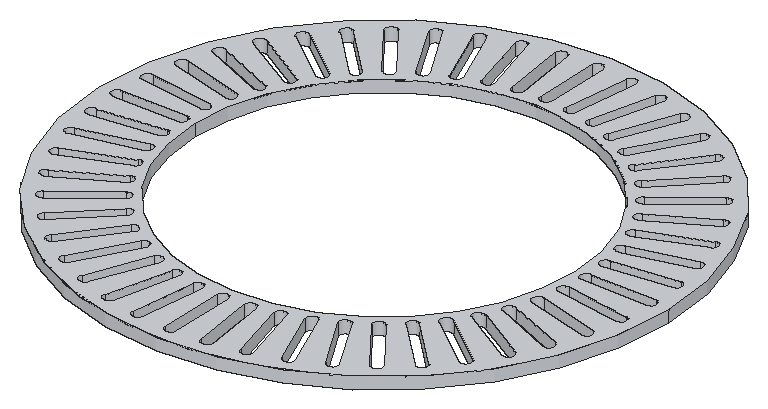
Revit family "Приствольная решётка (круглая) Р-06", category Антураж, Revit 2017
Family settings
  На основе рабочей плоскости = Нет
  Всегда вертикально = Да
  При загрузке вырезать с полостями = Нет
  Источник визуального образа = Геометрия семейства
  Общий = Нет
  Точка расчета площади = Нет
Parameters (values of type "Приствольная решётка (круглая) Р-06 Ø1200")
  Стоимость = 0
  Изготовитель = "ООО \"Хоббика\""
  Высота = 0 mm
  URL = "https://hobbyka.ru/product/pristvolnaya_reshetka_kruglaya_r06/?sphrase_id=70592"
  ADSK_Размер_Диаметр = 1200 mm
  ADSK_Размер_Высота = 25 mm
  ADSK_Наименование = "Приствольная решётка (круглая) Р-06"
  ADSK_Материал решетки = Чугун, серый
  ADSK_Код изделия = "10279"
  1200 = yes
  1000 = no
Types (3, lengths in mm): name | Стоимость | ADSK_Размер_Диаметр | 1000
  (no name) | 0 | 1200 | no
  Приствольная решётка (круглая) Р-06 Ø1000 | 15833 | 1000 | yes
  Приствольная решётка (круглая) Р-06 Ø1200 | 0 | 1200 | no
Reference planes
  plane 1 "По центру (Вперед/Назад)": y = 0
  plane 2: z = 0
  plane 3 "По центру (Влево/Вправо)": x = 0
Forms (mm)
  Extrusion 1, solid, visible <- "1000"
    sketch origin (0, 0, 0) x (1, 0, 0) y (0, 1, 0)
      loop
        circle (0, 0) r 300
      loop
        circle (0, 0) r 500
    from 0 to 25
  Extrusion 2, void
    sketch origin (0, 0, 0) x (1, 0, 0) y (0, 1, 0)
      loop
        arc (10, 468.935) -> (0, 478.935) -> (-10, 468.935) r 10
        line (-10, 468.935) -> (-10, 324.202)
        arc (-10, 324.202) -> (0, 314.202) -> (10, 324.202) r 10
        line (10, 324.202) -> (10, 468.935)
    from 0 to 250
  Extrusion 3, void
    sketch origin (0, 0, 0) x (0.991445, 0.130526, 0) y (-0.130526, 0.991445, 0)
      loop
        arc (10, 468.935) -> (0, 478.935) -> (-10, 468.935) r 10
        line (-10, 468.935) -> (-10, 324.202)
        arc (-10, 324.202) -> (0, 314.202) -> (10, 324.202) r 10
        line (10, 324.202) -> (10, 468.935)
    from 0 to 250
  Extrusion 4, void
    sketch origin (0, 0, 0) x (0.965926, 0.258819, 0) y (-0.258819, 0.965926, 0)
      loop
        arc (10, 468.935) -> (0, 478.935) -> (-10, 468.935) r 10
        line (-10, 468.935) -> (-10, 324.202)
        arc (-10, 324.202) -> (0, 314.202) -> (10, 324.202) r 10
        line (10, 324.202) -> (10, 468.935)
    from 0 to 250
  Extrusion 5, void
    sketch origin (0, 0, 0) x (0.923879, 0.382684, 0) y (-0.382684, 0.923879, 0)
      loop
        arc (10, 468.935) -> (0, 478.935) -> (-10, 468.935) r 10
        line (-10, 468.935) -> (-10, 324.202)
        arc (-10, 324.202) -> (0, 314.202) -> (10, 324.202) r 10
        line (10, 324.202) -> (10, 468.935)
    from 0 to 250
  Extrusion 6, void
    sketch origin (0, 0, 0) x (0.866025, 0.5, 0) y (-0.5, 0.866025, 0)
      loop
        arc (10, 468.935) -> (0, 478.935) -> (-10, 468.935) r 10
        line (-10, 468.935) -> (-10, 324.202)
        arc (-10, 324.202) -> (0, 314.202) -> (10, 324.202) r 10
        line (10, 324.202) -> (10, 468.935)
    from 0 to 250
  Extrusion 7, void
    sketch origin (0, 0, 0) x (0.793353, 0.608762, 0) y (-0.608762, 0.793353, 0)
      loop
        arc (10, 468.935) -> (0, 478.935) -> (-10, 468.935) r 10
        line (-10, 468.935) -> (-10, 324.202)
        arc (-10, 324.202) -> (0, 314.202) -> (10, 324.202) r 10
        line (10, 324.202) -> (10, 468.935)
    from 0 to 250
  Extrusion 8, void
    sketch origin (0, 0, 0) x (0.707107, 0.707107, 0) y (-0.707107, 0.707107, 0)
      loop
        arc (10, 468.935) -> (0, 478.935) -> (-10, 468.935) r 10
        line (-10, 468.935) -> (-10, 324.202)
        arc (-10, 324.202) -> (0, 314.202) -> (10, 324.202) r 10
        line (10, 324.202) -> (10, 468.935)
    from 0 to 250
  Extrusion 9, void
    sketch origin (0, 0, 0) x (0.608761, 0.793354, 0) y (-0.793354, 0.608761, 0)
      loop
        arc (10, 468.935) -> (0, 478.935) -> (-10, 468.935) r 10
        line (-10, 468.935) -> (-10, 324.202)
        arc (-10, 324.202) -> (0, 314.202) -> (10, 324.202) r 10
        line (10, 324.202) -> (10, 468.935)
    from 0 to 250
  Extrusion 10, void
    sketch origin (0, 0, 0) x (0.5, 0.866026, 0) y (-0.866026, 0.5, 0)
      loop
        arc (10, 468.935) -> (0, 478.935) -> (-10, 468.935) r 10
        line (-10, 468.935) -> (-10, 324.202)
        arc (-10, 324.202) -> (0, 314.202) -> (10, 324.202) r 10
        line (10, 324.202) -> (10, 468.935)
    from 0 to 250
  Extrusion 11, void
    sketch origin (0, 0, 0) x (0.382683, 0.92388, 0) y (-0.92388, 0.382683, 0)
      loop
        arc (10, 468.935) -> (0, 478.935) -> (-10, 468.935) r 10
        line (-10, 468.935) -> (-10, 324.202)
        arc (-10, 324.202) -> (0, 314.202) -> (10, 324.202) r 10
        line (10, 324.202) -> (10, 468.935)
    from 0 to 250
  Extrusion 12, void
    sketch origin (0, 0, 0) x (0.258819, 0.965926, 0) y (-0.965926, 0.258819, 0)
      loop
        arc (10, 468.935) -> (0, 478.935) -> (-10, 468.935) r 10
        line (-10, 468.935) -> (-10, 324.202)
        arc (-10, 324.202) -> (0, 314.202) -> (10, 324.202) r 10
        line (10, 324.202) -> (10, 468.935)
    from 0 to 250
  Extrusion 13, void
    sketch origin (0, 0, 0) x (0.130526, 0.991445, 0) y (-0.991445, 0.130526, 0)
      loop
        arc (10, 468.935) -> (0, 478.935) -> (-10, 468.935) r 10
        line (-10, 468.935) -> (-10, 324.202)
        arc (-10, 324.202) -> (0, 314.202) -> (10, 324.202) r 10
        line (10, 324.202) -> (10, 468.935)
    from 0 to 250
  Extrusion 14, void
    sketch origin (0, 0, 0) x (-0.000001, 1, 0) y (-1, -0.000001, 0)
      loop
        arc (10, 468.935) -> (0, 478.935) -> (-10, 468.935) r 10
        line (-10, 468.935) -> (-10, 324.202)
        arc (-10, 324.202) -> (0, 314.202) -> (10, 324.202) r 10
        line (10, 324.202) -> (10, 468.935)
    from 0 to 250
  Extrusion 15, void
    sketch origin (0, 0, 0) x (-0.130527, 0.991445, 0) y (-0.991445, -0.130527, 0)
      loop
        arc (10, 468.935) -> (0, 478.935) -> (-10, 468.935) r 10
        line (-10, 468.935) -> (-10, 324.202)
        arc (-10, 324.202) -> (0, 314.202) -> (10, 324.202) r 10
        line (10, 324.202) -> (10, 468.935)
    from 0 to 250
  Extrusion 16, void
    sketch origin (0, 0, 0) x (-0.25882, 0.965926, 0) y (-0.965926, -0.25882, 0)
      loop
        arc (10, 468.935) -> (0, 478.935) -> (-10, 468.935) r 10
        line (-10, 468.935) -> (-10, 324.202)
        arc (-10, 324.202) -> (0, 314.202) -> (10, 324.202) r 10
        line (10, 324.202) -> (10, 468.935)
    from 0 to 250
  Extrusion 17, void
    sketch origin (0, 0, 0) x (-0.382684, 0.923879, 0) y (-0.923879, -0.382684, 0)
      loop
        arc (10, 468.935) -> (0, 478.935) -> (-10, 468.935) r 10
        line (-10, 468.935) -> (-10, 324.202)
        arc (-10, 324.202) -> (0, 314.202) -> (10, 324.202) r 10
        line (10, 324.202) -> (10, 468.935)
    from 0 to 250
  Extrusion 18, void
    sketch origin (0, 0, 0) x (-0.500001, 0.866025, 0) y (-0.866025, -0.500001, 0)
      loop
        arc (10, 468.935) -> (0, 478.935) -> (-10, 468.935) r 10
        line (-10, 468.935) -> (-10, 324.202)
        arc (-10, 324.202) -> (0, 314.202) -> (10, 324.202) r 10
        line (10, 324.202) -> (10, 468.935)
    from 0 to 250
  Extrusion 19, void
    sketch origin (0, 0, 0) x (-0.608762, 0.793353, 0) y (-0.793353, -0.608762, 0)
      loop
        arc (10, 468.935) -> (0, 478.935) -> (-10, 468.935) r 10
        line (-10, 468.935) -> (-10, 324.202)
        arc (-10, 324.202) -> (0, 314.202) -> (10, 324.202) r 10
        line (10, 324.202) -> (10, 468.935)
    from 0 to 250
  Extrusion 20, void
    sketch origin (0, 0, 0) x (-0.707107, 0.707106, 0) y (-0.707106, -0.707107, 0)
      loop
        arc (10, 468.935) -> (0, 478.935) -> (-10, 468.935) r 10
        line (-10, 468.935) -> (-10, 324.202)
        arc (-10, 324.202) -> (0, 314.202) -> (10, 324.202) r 10
        line (10, 324.202) -> (10, 468.935)
    from 0 to 250
  Extrusion 21, void
    sketch origin (0, 0, 0) x (-0.793354, 0.608761, 0) y (-0.608761, -0.793354, 0)
      loop
        arc (10, 468.935) -> (0, 478.935) -> (-10, 468.935) r 10
        line (-10, 468.935) -> (-10, 324.202)
        arc (-10, 324.202) -> (0, 314.202) -> (10, 324.202) r 10
        line (10, 324.202) -> (10, 468.935)
    from 0 to 250
  Extrusion 22, void
    sketch origin (0, 0, 0) x (-0.866026, 0.499999, 0) y (-0.499999, -0.866026, 0)
      loop
        arc (10, 468.935) -> (0, 478.935) -> (-10, 468.935) r 10
        line (-10, 468.935) -> (-10, 324.202)
        arc (-10, 324.202) -> (0, 314.202) -> (10, 324.202) r 10
        line (10, 324.202) -> (10, 468.935)
    from 0 to 250
  Extrusion 23, void
    sketch origin (0, 0, 0) x (-0.92388, 0.382683, 0) y (-0.382683, -0.92388, 0)
      loop
        arc (10, 468.935) -> (0, 478.935) -> (-10, 468.935) r 10
        line (-10, 468.935) -> (-10, 324.202)
        arc (-10, 324.202) -> (0, 314.202) -> (10, 324.202) r 10
        line (10, 324.202) -> (10, 468.935)
    from 0 to 250
  Extrusion 24, void
    sketch origin (0, 0, 0) x (-0.965926, 0.258818, 0) y (-0.258818, -0.965926, 0)
      loop
        arc (10, 468.935) -> (0, 478.935) -> (-10, 468.935) r 10
        line (-10, 468.935) -> (-10, 324.202)
        arc (-10, 324.202) -> (0, 314.202) -> (10, 324.202) r 10
        line (10, 324.202) -> (10, 468.935)
    from 0 to 250
  Extrusion 25, void
    sketch origin (0, 0, 0) x (-0.991445, 0.130525, 0) y (-0.130525, -0.991445, 0)
      loop
        arc (10, 468.935) -> (0, 478.935) -> (-10, 468.935) r 10
        line (-10, 468.935) -> (-10, 324.202)
        arc (-10, 324.202) -> (0, 314.202) -> (10, 324.202) r 10
        line (10, 324.202) -> (10, 468.935)
    from 0 to 250
  Extrusion 26, void
    sketch origin (0, 0, 0) x (-1, -0.000001, 0) y (0.000001, -1, 0)
      loop
        arc (10, 468.935) -> (0, 478.935) -> (-10, 468.935) r 10
        line (-10, 468.935) -> (-10, 324.202)
        arc (-10, 324.202) -> (0, 314.202) -> (10, 324.202) r 10
        line (10, 324.202) -> (10, 468.935)
    from 0 to 250
  Extrusion 27, void
    sketch origin (0, 0, 0) x (-0.991445, -0.130527, 0) y (0.130527, -0.991445, 0)
      loop
        arc (10, 468.935) -> (0, 478.935) -> (-10, 468.935) r 10
        line (-10, 468.935) -> (-10, 324.202)
        arc (-10, 324.202) -> (0, 314.202) -> (10, 324.202) r 10
        line (10, 324.202) -> (10, 468.935)
    from 0 to 250
  Extrusion 28, void
    sketch origin (0, 0, 0) x (-0.965926, -0.25882, 0) y (0.25882, -0.965926, 0)
      loop
        arc (10, 468.935) -> (0, 478.935) -> (-10, 468.935) r 10
        line (-10, 468.935) -> (-10, 324.202)
        arc (-10, 324.202) -> (0, 314.202) -> (10, 324.202) r 10
        line (10, 324.202) -> (10, 468.935)
    from 0 to 250
  Extrusion 29, void
    sketch origin (0, 0, 0) x (-0.923879, -0.382685, 0) y (0.382685, -0.923879, 0)
      loop
        arc (10, 468.935) -> (0, 478.935) -> (-10, 468.935) r 10
        line (-10, 468.935) -> (-10, 324.202)
        arc (-10, 324.202) -> (0, 314.202) -> (10, 324.202) r 10
        line (10, 324.202) -> (10, 468.935)
    from 0 to 250
  Extrusion 30, void
    sketch origin (0, 0, 0) x (-0.866025, -0.500001, 0) y (0.500001, -0.866025, 0)
      loop
        arc (10, 468.935) -> (0, 478.935) -> (-10, 468.935) r 10
        line (-10, 468.935) -> (-10, 324.202)
        arc (-10, 324.202) -> (0, 314.202) -> (10, 324.202) r 10
        line (10, 324.202) -> (10, 468.935)
    from 0 to 250
  Extrusion 31, void
    sketch origin (0, 0, 0) x (-0.793353, -0.608763, 0) y (0.608763, -0.793353, 0)
      loop
        arc (10, 468.935) -> (0, 478.935) -> (-10, 468.935) r 10
        line (-10, 468.935) -> (-10, 324.202)
        arc (-10, 324.202) -> (0, 314.202) -> (10, 324.202) r 10
        line (10, 324.202) -> (10, 468.935)
    from 0 to 250
  Extrusion 32, void
    sketch origin (0, 0, 0) x (-0.707106, -0.707108, 0) y (0.707108, -0.707106, 0)
      loop
        arc (10, 468.935) -> (0, 478.935) -> (-10, 468.935) r 10
        line (-10, 468.935) -> (-10, 324.202)
        arc (-10, 324.202) -> (0, 314.202) -> (10, 324.202) r 10
        line (10, 324.202) -> (10, 468.935)
    from 0 to 250
  Extrusion 33, void
    sketch origin (0, 0, 0) x (-0.60876, -0.793354, 0) y (0.793354, -0.60876, 0)
      loop
        arc (10, 468.935) -> (0, 478.935) -> (-10, 468.935) r 10
        line (-10, 468.935) -> (-10, 324.202)
        arc (-10, 324.202) -> (0, 314.202) -> (10, 324.202) r 10
        line (10, 324.202) -> (10, 468.935)
    from 0 to 250
  Extrusion 34, void
    sketch origin (0, 0, 0) x (-0.499999, -0.866026, 0) y (0.866026, -0.499999, 0)
      loop
        arc (10, 468.935) -> (0, 478.935) -> (-10, 468.935) r 10
        line (-10, 468.935) -> (-10, 324.202)
        arc (-10, 324.202) -> (0, 314.202) -> (10, 324.202) r 10
        line (10, 324.202) -> (10, 468.935)
    from 0 to 250
  Extrusion 35, void
    sketch origin (0, 0, 0) x (-0.382682, -0.92388, 0) y (0.92388, -0.382682, 0)
      loop
        arc (10, 468.935) -> (0, 478.935) -> (-10, 468.935) r 10
        line (-10, 468.935) -> (-10, 324.202)
        arc (-10, 324.202) -> (0, 314.202) -> (10, 324.202) r 10
        line (10, 324.202) -> (10, 468.935)
    from 0 to 250
  Extrusion 36, void
    sketch origin (0, 0, 0) x (-0.258817, -0.965926, 0) y (0.965926, -0.258817, 0)
      loop
        arc (10, 468.935) -> (0, 478.935) -> (-10, 468.935) r 10
        line (-10, 468.935) -> (-10, 324.202)
        arc (-10, 324.202) -> (0, 314.202) -> (10, 324.202) r 10
        line (10, 324.202) -> (10, 468.935)
    from 0 to 250
  Extrusion 37, void
    sketch origin (0, 0, 0) x (-0.130525, -0.991445, 0) y (0.991445, -0.130525, 0)
      loop
        arc (10, 468.935) -> (0, 478.935) -> (-10, 468.935) r 10
        line (-10, 468.935) -> (-10, 324.202)
        arc (-10, 324.202) -> (0, 314.202) -> (10, 324.202) r 10
        line (10, 324.202) -> (10, 468.935)
    from 0 to 250
  Extrusion 38, void
    sketch origin (0, 0, 0) x (0.000002, -1, 0) y (1, 0.000002, 0)
      loop
        arc (10, 468.935) -> (0, 478.935) -> (-10, 468.935) r 10
        line (-10, 468.935) -> (-10, 324.202)
        arc (-10, 324.202) -> (0, 314.202) -> (10, 324.202) r 10
        line (10, 324.202) -> (10, 468.935)
    from 0 to 250
  Extrusion 39, void
    sketch origin (0, 0, 0) x (0.130528, -0.991445, 0) y (0.991445, 0.130528, 0)
      loop
        arc (10, 468.935) -> (0, 478.935) -> (-10, 468.935) r 10
        line (-10, 468.935) -> (-10, 324.202)
        arc (-10, 324.202) -> (0, 314.202) -> (10, 324.202) r 10
        line (10, 324.202) -> (10, 468.935)
    from 0 to 250
  Extrusion 40, void
    sketch origin (0, 0, 0) x (0.258821, -0.965925, 0) y (0.965925, 0.258821, 0)
      loop
        arc (10, 468.935) -> (0, 478.935) -> (-10, 468.935) r 10
        line (-10, 468.935) -> (-10, 324.202)
        arc (-10, 324.202) -> (0, 314.202) -> (10, 324.202) r 10
        line (10, 324.202) -> (10, 468.935)
    from 0 to 250
  Extrusion 41, void
    sketch origin (0, 0, 0) x (0.382685, -0.923879, 0) y (0.923879, 0.382685, 0)
      loop
        arc (10, 468.935) -> (0, 478.935) -> (-10, 468.935) r 10
        line (-10, 468.935) -> (-10, 324.202)
        arc (-10, 324.202) -> (0, 314.202) -> (10, 324.202) r 10
        line (10, 324.202) -> (10, 468.935)
    from 0 to 250
  Extrusion 42, void
    sketch origin (0, 0, 0) x (0.500002, -0.866024, 0) y (0.866024, 0.500002, 0)
      loop
        arc (10, 468.935) -> (0, 478.935) -> (-10, 468.935) r 10
        line (-10, 468.935) -> (-10, 324.202)
        arc (-10, 324.202) -> (0, 314.202) -> (10, 324.202) r 10
        line (10, 324.202) -> (10, 468.935)
    from 0 to 250
  Extrusion 43, void
    sketch origin (0, 0, 0) x (0.608763, -0.793352, 0) y (0.793352, 0.608763, 0)
      loop
        arc (10, 468.935) -> (0, 478.935) -> (-10, 468.935) r 10
        line (-10, 468.935) -> (-10, 324.202)
        arc (-10, 324.202) -> (0, 314.202) -> (10, 324.202) r 10
        line (10, 324.202) -> (10, 468.935)
    from 0 to 250
  Extrusion 44, void
    sketch origin (0, 0, 0) x (0.707108, -0.707105, 0) y (0.707105, 0.707108, 0)
      loop
        arc (10, 468.935) -> (0, 478.935) -> (-10, 468.935) r 10
        line (-10, 468.935) -> (-10, 324.202)
        arc (-10, 324.202) -> (0, 314.202) -> (10, 324.202) r 10
        line (10, 324.202) -> (10, 468.935)
    from 0 to 250
  Extrusion 45, void
    sketch origin (0, 0, 0) x (0.793355, -0.60876, 0) y (0.60876, 0.793355, 0)
      loop
        arc (10, 468.935) -> (0, 478.935) -> (-10, 468.935) r 10
        line (-10, 468.935) -> (-10, 324.202)
        arc (-10, 324.202) -> (0, 314.202) -> (10, 324.202) r 10
        line (10, 324.202) -> (10, 468.935)
    from 0 to 250
  Extrusion 46, void
    sketch origin (0, 0, 0) x (0.866026, -0.499998, 0) y (0.499998, 0.866026, 0)
      loop
        arc (10, 468.935) -> (0, 478.935) -> (-10, 468.935) r 10
        line (-10, 468.935) -> (-10, 324.202)
        arc (-10, 324.202) -> (0, 314.202) -> (10, 324.202) r 10
        line (10, 324.202) -> (10, 468.935)
    from 0 to 250
  Extrusion 47, void
    sketch origin (0, 0, 0) x (0.92388, -0.382681, 0) y (0.382681, 0.92388, 0)
      loop
        arc (10, 468.935) -> (0, 478.935) -> (-10, 468.935) r 10
        line (-10, 468.935) -> (-10, 324.202)
        arc (-10, 324.202) -> (0, 314.202) -> (10, 324.202) r 10
        line (10, 324.202) -> (10, 468.935)
    from 0 to 250
  Extrusion 48, void
    sketch origin (0, 0, 0) x (0.965926, -0.258817, 0) y (0.258817, 0.965926, 0)
      loop
        arc (10, 468.935) -> (0, 478.935) -> (-10, 468.935) r 10
        line (-10, 468.935) -> (-10, 324.202)
        arc (-10, 324.202) -> (0, 314.202) -> (10, 324.202) r 10
        line (10, 324.202) -> (10, 468.935)
    from 0 to 250
  Extrusion 49, void
    sketch origin (0, 0, 0) x (0.991445, -0.130524, 0) y (0.130524, 0.991445, 0)
      loop
        arc (10, 468.935) -> (0, 478.935) -> (-10, 468.935) r 10
        line (-10, 468.935) -> (-10, 324.202)
        arc (-10, 324.202) -> (0, 314.202) -> (10, 324.202) r 10
        line (10, 324.202) -> (10, 468.935)
    from 0 to 250
  Extrusion 50, solid, visible <- "1200"
    sketch origin (0, 0, 0) x (1, 0, 0) y (0, 1, 0)
      loop
        circle (0, 0) r 600
      loop
        circle (0, 0) r 400
    from 0 to 25
  Extrusion 51, void
    sketch origin (0, 0, 0) x (1, 0, 0) y (0, 1, 0)
      loop
        line (67.543, 421.108) -> (85.347, 556.342)
        arc (85.347, 556.342) -> (75.016, 569.805) -> (61.553, 559.474) r 12
        line (61.553, 559.474) -> (43.749, 424.24)
        arc (43.749, 424.24) -> (54.08, 410.777) -> (67.543, 421.108) r 12
    from 0 to 250
  Extrusion 52, void
    sketch origin (0, 0, 0) x (0.991445, -0.130526, 0) y (0.130526, 0.991445, 0)
      loop
        line (67.543, 421.108) -> (85.347, 556.342)
        arc (85.347, 556.342) -> (75.016, 569.805) -> (61.553, 559.474) r 12
        line (61.553, 559.474) -> (43.749, 424.24)
        arc (43.749, 424.24) -> (54.08, 410.777) -> (67.543, 421.108) r 12
    from 0 to 250
  Extrusion 53, void
    sketch origin (0, 0, 0) x (0.965926, -0.258819, 0) y (0.258819, 0.965926, 0)
      loop
        line (67.543, 421.108) -> (85.347, 556.342)
        arc (85.347, 556.342) -> (75.016, 569.805) -> (61.553, 559.474) r 12
        line (61.553, 559.474) -> (43.749, 424.24)
        arc (43.749, 424.24) -> (54.08, 410.777) -> (67.543, 421.108) r 12
    from 0 to 250
  Extrusion 54, void
    sketch origin (0, 0, 0) x (0.92388, -0.382683, 0) y (0.382683, 0.92388, 0)
      loop
        line (67.543, 421.108) -> (85.347, 556.342)
        arc (85.347, 556.342) -> (75.016, 569.805) -> (61.553, 559.474) r 12
        line (61.553, 559.474) -> (43.749, 424.24)
        arc (43.749, 424.24) -> (54.08, 410.777) -> (67.543, 421.108) r 12
    from 0 to 250
  Extrusion 55, void
    sketch origin (0, 0, 0) x (0.866026, -0.5, 0) y (0.5, 0.866026, 0)
      loop
        line (67.543, 421.108) -> (85.347, 556.342)
        arc (85.347, 556.342) -> (75.016, 569.805) -> (61.553, 559.474) r 12
        line (61.553, 559.474) -> (43.749, 424.24)
        arc (43.749, 424.24) -> (54.08, 410.777) -> (67.543, 421.108) r 12
    from 0 to 250
  Extrusion 56, void
    sketch origin (0, 0, 0) x (0.793353, -0.608761, 0) y (0.608761, 0.793353, 0)
      loop
        line (67.543, 421.108) -> (85.347, 556.342)
        arc (85.347, 556.342) -> (75.016, 569.805) -> (61.553, 559.474) r 12
        line (61.553, 559.474) -> (43.749, 424.24)
        arc (43.749, 424.24) -> (54.08, 410.777) -> (67.543, 421.108) r 12
    from 0 to 250
  Extrusion 57, void
    sketch origin (0, 0, 0) x (0.707107, -0.707107, 0) y (0.707107, 0.707107, 0)
      loop
        line (67.543, 421.108) -> (85.347, 556.342)
        arc (85.347, 556.342) -> (75.016, 569.805) -> (61.553, 559.474) r 12
        line (61.553, 559.474) -> (43.749, 424.24)
        arc (43.749, 424.24) -> (54.08, 410.777) -> (67.543, 421.108) r 12
    from 0 to 250
  Extrusion 58, void
    sketch origin (0, 0, 0) x (0.608762, -0.793353, 0) y (0.793353, 0.608762, 0)
      loop
        line (67.543, 421.108) -> (85.347, 556.342)
        arc (85.347, 556.342) -> (75.016, 569.805) -> (61.553, 559.474) r 12
        line (61.553, 559.474) -> (43.749, 424.24)
        arc (43.749, 424.24) -> (54.08, 410.777) -> (67.543, 421.108) r 12
    from 0 to 250
  Extrusion 59, void
    sketch origin (0, 0, 0) x (0.5, -0.866025, 0) y (0.866025, 0.5, 0)
      loop
        line (67.543, 421.108) -> (85.347, 556.342)
        arc (85.347, 556.342) -> (75.016, 569.805) -> (61.553, 559.474) r 12
        line (61.553, 559.474) -> (43.749, 424.24)
        arc (43.749, 424.24) -> (54.08, 410.777) -> (67.543, 421.108) r 12
    from 0 to 250
  Extrusion 60, void
    sketch origin (0, 0, 0) x (0.382684, -0.923879, 0) y (0.923879, 0.382684, 0)
      loop
        line (67.543, 421.108) -> (85.347, 556.342)
        arc (85.347, 556.342) -> (75.016, 569.805) -> (61.553, 559.474) r 12
        line (61.553, 559.474) -> (43.749, 424.24)
        arc (43.749, 424.24) -> (54.08, 410.777) -> (67.543, 421.108) r 12
    from 0 to 250
  Extrusion 61, void
    sketch origin (0, 0, 0) x (0.25882, -0.965926, 0) y (0.965926, 0.25882, 0)
      loop
        line (67.543, 421.108) -> (85.347, 556.342)
        arc (85.347, 556.342) -> (75.016, 569.805) -> (61.553, 559.474) r 12
        line (61.553, 559.474) -> (43.749, 424.24)
        arc (43.749, 424.24) -> (54.08, 410.777) -> (67.543, 421.108) r 12
    from 0 to 250
  Extrusion 62, void
    sketch origin (0, 0, 0) x (0.130527, -0.991445, 0) y (0.991445, 0.130527, 0)
      loop
        line (67.543, 421.108) -> (85.347, 556.342)
        arc (85.347, 556.342) -> (75.016, 569.805) -> (61.553, 559.474) r 12
        line (61.553, 559.474) -> (43.749, 424.24)
        arc (43.749, 424.24) -> (54.08, 410.777) -> (67.543, 421.108) r 12
    from 0 to 250
  Extrusion 63, void
    sketch origin (0, 0, 0) x (0.000001, -1, 0) y (1, 0.000001, 0)
      loop
        line (67.543, 421.108) -> (85.347, 556.342)
        arc (85.347, 556.342) -> (75.016, 569.805) -> (61.553, 559.474) r 12
        line (61.553, 559.474) -> (43.749, 424.24)
        arc (43.749, 424.24) -> (54.08, 410.777) -> (67.543, 421.108) r 12
    from 0 to 250
  Extrusion 64, void
    sketch origin (0, 0, 0) x (-0.130526, -0.991445, 0) y (0.991445, -0.130526, 0)
      loop
        line (67.543, 421.108) -> (85.347, 556.342)
        arc (85.347, 556.342) -> (75.016, 569.805) -> (61.553, 559.474) r 12
        line (61.553, 559.474) -> (43.749, 424.24)
        arc (43.749, 424.24) -> (54.08, 410.777) -> (67.543, 421.108) r 12
    from 0 to 250
  Extrusion 65, void
    sketch origin (0, 0, 0) x (-0.258818, -0.965926, 0) y (0.965926, -0.258818, 0)
      loop
        line (67.543, 421.108) -> (85.347, 556.342)
        arc (85.347, 556.342) -> (75.016, 569.805) -> (61.553, 559.474) r 12
        line (61.553, 559.474) -> (43.749, 424.24)
        arc (43.749, 424.24) -> (54.08, 410.777) -> (67.543, 421.108) r 12
    from 0 to 250
  Extrusion 66, void
    sketch origin (0, 0, 0) x (-0.382683, -0.92388, 0) y (0.92388, -0.382683, 0)
      loop
        line (67.543, 421.108) -> (85.347, 556.342)
        arc (85.347, 556.342) -> (75.016, 569.805) -> (61.553, 559.474) r 12
        line (61.553, 559.474) -> (43.749, 424.24)
        arc (43.749, 424.24) -> (54.08, 410.777) -> (67.543, 421.108) r 12
    from 0 to 250
  Extrusion 67, void
    sketch origin (0, 0, 0) x (-0.499999, -0.866026, 0) y (0.866026, -0.499999, 0)
      loop
        line (67.543, 421.108) -> (85.347, 556.342)
        arc (85.347, 556.342) -> (75.016, 569.805) -> (61.553, 559.474) r 12
        line (61.553, 559.474) -> (43.749, 424.24)
        arc (43.749, 424.24) -> (54.08, 410.777) -> (67.543, 421.108) r 12
    from 0 to 250
  Extrusion 68, void
    sketch origin (0, 0, 0) x (-0.608761, -0.793354, 0) y (0.793354, -0.608761, 0)
      loop
        line (67.543, 421.108) -> (85.347, 556.342)
        arc (85.347, 556.342) -> (75.016, 569.805) -> (61.553, 559.474) r 12
        line (61.553, 559.474) -> (43.749, 424.24)
        arc (43.749, 424.24) -> (54.08, 410.777) -> (67.543, 421.108) r 12
    from 0 to 250
  Extrusion 69, void
    sketch origin (0, 0, 0) x (-0.707106, -0.707107, 0) y (0.707107, -0.707106, 0)
      loop
        line (67.543, 421.108) -> (85.347, 556.342)
        arc (85.347, 556.342) -> (75.016, 569.805) -> (61.553, 559.474) r 12
        line (61.553, 559.474) -> (43.749, 424.24)
        arc (43.749, 424.24) -> (54.08, 410.777) -> (67.543, 421.108) r 12
    from 0 to 250
  Extrusion 70, void
    sketch origin (0, 0, 0) x (-0.793353, -0.608762, 0) y (0.608762, -0.793353, 0)
      loop
        line (67.543, 421.108) -> (85.347, 556.342)
        arc (85.347, 556.342) -> (75.016, 569.805) -> (61.553, 559.474) r 12
        line (61.553, 559.474) -> (43.749, 424.24)
        arc (43.749, 424.24) -> (54.08, 410.777) -> (67.543, 421.108) r 12
    from 0 to 250
  Extrusion 71, void
    sketch origin (0, 0, 0) x (-0.866025, -0.500001, 0) y (0.500001, -0.866025, 0)
      loop
        line (67.543, 421.108) -> (85.347, 556.342)
        arc (85.347, 556.342) -> (75.016, 569.805) -> (61.553, 559.474) r 12
        line (61.553, 559.474) -> (43.749, 424.24)
        arc (43.749, 424.24) -> (54.08, 410.777) -> (67.543, 421.108) r 12
    from 0 to 250
  Extrusion 72, void
    sketch origin (0, 0, 0) x (-0.923879, -0.382684, 0) y (0.382684, -0.923879, 0)
      loop
        line (67.543, 421.108) -> (85.347, 556.342)
        arc (85.347, 556.342) -> (75.016, 569.805) -> (61.553, 559.474) r 12
        line (61.553, 559.474) -> (43.749, 424.24)
        arc (43.749, 424.24) -> (54.08, 410.777) -> (67.543, 421.108) r 12
    from 0 to 250
  Extrusion 73, void
    sketch origin (0, 0, 0) x (-0.965926, -0.25882, 0) y (0.25882, -0.965926, 0)
      loop
        line (67.543, 421.108) -> (85.347, 556.342)
        arc (85.347, 556.342) -> (75.016, 569.805) -> (61.553, 559.474) r 12
        line (61.553, 559.474) -> (43.749, 424.24)
        arc (43.749, 424.24) -> (54.08, 410.777) -> (67.543, 421.108) r 12
    from 0 to 250
  Extrusion 74, void
    sketch origin (0, 0, 0) x (-0.991445, -0.130527, 0) y (0.130527, -0.991445, 0)
      loop
        line (67.543, 421.108) -> (85.347, 556.342)
        arc (85.347, 556.342) -> (75.016, 569.805) -> (61.553, 559.474) r 12
        line (61.553, 559.474) -> (43.749, 424.24)
        arc (43.749, 424.24) -> (54.08, 410.777) -> (67.543, 421.108) r 12
    from 0 to 250
  Extrusion 75, void
    sketch origin (0, 0, 0) x (-1, -0.000001, 0) y (0.000001, -1, 0)
      loop
        line (67.543, 421.108) -> (85.347, 556.342)
        arc (85.347, 556.342) -> (75.016, 569.805) -> (61.553, 559.474) r 12
        line (61.553, 559.474) -> (43.749, 424.24)
        arc (43.749, 424.24) -> (54.08, 410.777) -> (67.543, 421.108) r 12
    from 0 to 250
  Extrusion 76, void
    sketch origin (0, 0, 0) x (-0.991445, 0.130525, 0) y (-0.130525, -0.991445, 0)
      loop
        line (67.543, 421.108) -> (85.347, 556.342)
        arc (85.347, 556.342) -> (75.016, 569.805) -> (61.553, 559.474) r 12
        line (61.553, 559.474) -> (43.749, 424.24)
        arc (43.749, 424.24) -> (54.08, 410.777) -> (67.543, 421.108) r 12
    from 0 to 250
  Extrusion 77, void
    sketch origin (0, 0, 0) x (-0.965926, 0.258818, 0) y (-0.258818, -0.965926, 0)
      loop
        line (67.543, 421.108) -> (85.347, 556.342)
        arc (85.347, 556.342) -> (75.016, 569.805) -> (61.553, 559.474) r 12
        line (61.553, 559.474) -> (43.749, 424.24)
        arc (43.749, 424.24) -> (54.08, 410.777) -> (67.543, 421.108) r 12
    from 0 to 250
  Extrusion 78, void
    sketch origin (0, 0, 0) x (-0.92388, 0.382682, 0) y (-0.382682, -0.92388, 0)
      loop
        line (67.543, 421.108) -> (85.347, 556.342)
        arc (85.347, 556.342) -> (75.016, 569.805) -> (61.553, 559.474) r 12
        line (61.553, 559.474) -> (43.749, 424.24)
        arc (43.749, 424.24) -> (54.08, 410.777) -> (67.543, 421.108) r 12
    from 0 to 250
  Extrusion 79, void
    sketch origin (0, 0, 0) x (-0.866026, 0.499999, 0) y (-0.499999, -0.866026, 0)
      loop
        line (67.543, 421.108) -> (85.347, 556.342)
        arc (85.347, 556.342) -> (75.016, 569.805) -> (61.553, 559.474) r 12
        line (61.553, 559.474) -> (43.749, 424.24)
        arc (43.749, 424.24) -> (54.08, 410.777) -> (67.543, 421.108) r 12
    from 0 to 250
  Extrusion 80, void
    sketch origin (0, 0, 0) x (-0.793354, 0.60876, 0) y (-0.60876, -0.793354, 0)
      loop
        line (67.543, 421.108) -> (85.347, 556.342)
        arc (85.347, 556.342) -> (75.016, 569.805) -> (61.553, 559.474) r 12
        line (61.553, 559.474) -> (43.749, 424.24)
        arc (43.749, 424.24) -> (54.08, 410.777) -> (67.543, 421.108) r 12
    from 0 to 250
  Extrusion 81, void
    sketch origin (0, 0, 0) x (-0.707108, 0.707106, 0) y (-0.707106, -0.707108, 0)
      loop
        line (67.543, 421.108) -> (85.347, 556.342)
        arc (85.347, 556.342) -> (75.016, 569.805) -> (61.553, 559.474) r 12
        line (61.553, 559.474) -> (43.749, 424.24)
        arc (43.749, 424.24) -> (54.08, 410.777) -> (67.543, 421.108) r 12
    from 0 to 250
  Extrusion 82, void
    sketch origin (0, 0, 0) x (-0.608763, 0.793352, 0) y (-0.793352, -0.608763, 0)
      loop
        line (67.543, 421.108) -> (85.347, 556.342)
        arc (85.347, 556.342) -> (75.016, 569.805) -> (61.553, 559.474) r 12
        line (61.553, 559.474) -> (43.749, 424.24)
        arc (43.749, 424.24) -> (54.08, 410.777) -> (67.543, 421.108) r 12
    from 0 to 250
  Extrusion 83, void
    sketch origin (0, 0, 0) x (-0.500001, 0.866025, 0) y (-0.866025, -0.500001, 0)
      loop
        line (67.543, 421.108) -> (85.347, 556.342)
        arc (85.347, 556.342) -> (75.016, 569.805) -> (61.553, 559.474) r 12
        line (61.553, 559.474) -> (43.749, 424.24)
        arc (43.749, 424.24) -> (54.08, 410.777) -> (67.543, 421.108) r 12
    from 0 to 250
  Extrusion 84, void
    sketch origin (0, 0, 0) x (-0.382685, 0.923879, 0) y (-0.923879, -0.382685, 0)
      loop
        line (67.543, 421.108) -> (85.347, 556.342)
        arc (85.347, 556.342) -> (75.016, 569.805) -> (61.553, 559.474) r 12
        line (61.553, 559.474) -> (43.749, 424.24)
        arc (43.749, 424.24) -> (54.08, 410.777) -> (67.543, 421.108) r 12
    from 0 to 250
  Extrusion 85, void
    sketch origin (0, 0, 0) x (-0.258821, 0.965925, 0) y (-0.965925, -0.258821, 0)
      loop
        line (67.543, 421.108) -> (85.347, 556.342)
        arc (85.347, 556.342) -> (75.016, 569.805) -> (61.553, 559.474) r 12
        line (61.553, 559.474) -> (43.749, 424.24)
        arc (43.749, 424.24) -> (54.08, 410.777) -> (67.543, 421.108) r 12
    from 0 to 250
  Extrusion 86, void
    sketch origin (0, 0, 0) x (-0.130528, 0.991445, 0) y (-0.991445, -0.130528, 0)
      loop
        line (67.543, 421.108) -> (85.347, 556.342)
        arc (85.347, 556.342) -> (75.016, 569.805) -> (61.553, 559.474) r 12
        line (61.553, 559.474) -> (43.749, 424.24)
        arc (43.749, 424.24) -> (54.08, 410.777) -> (67.543, 421.108) r 12
    from 0 to 250
  Extrusion 87, void
    sketch origin (0, 0, 0) x (-0.000002, 1, 0) y (-1, -0.000002, 0)
      loop
        line (67.543, 421.108) -> (85.347, 556.342)
        arc (85.347, 556.342) -> (75.016, 569.805) -> (61.553, 559.474) r 12
        line (61.553, 559.474) -> (43.749, 424.24)
        arc (43.749, 424.24) -> (54.08, 410.777) -> (67.543, 421.108) r 12
    from 0 to 250
  Extrusion 88, void
    sketch origin (0, 0, 0) x (0.130524, 0.991445, 0) y (-0.991445, 0.130524, 0)
      loop
        line (67.543, 421.108) -> (85.347, 556.342)
        arc (85.347, 556.342) -> (75.016, 569.805) -> (61.553, 559.474) r 12
        line (61.553, 559.474) -> (43.749, 424.24)
        arc (43.749, 424.24) -> (54.08, 410.777) -> (67.543, 421.108) r 12
    from 0 to 250
  Extrusion 89, void
    sketch origin (0, 0, 0) x (0.258817, 0.965926, 0) y (-0.965926, 0.258817, 0)
      loop
        line (67.543, 421.108) -> (85.347, 556.342)
        arc (85.347, 556.342) -> (75.016, 569.805) -> (61.553, 559.474) r 12
        line (61.553, 559.474) -> (43.749, 424.24)
        arc (43.749, 424.24) -> (54.08, 410.777) -> (67.543, 421.108) r 12
    from 0 to 250
  Extrusion 90, void
    sketch origin (0, 0, 0) x (0.382682, 0.92388, 0) y (-0.92388, 0.382682, 0)
      loop
        line (67.543, 421.108) -> (85.347, 556.342)
        arc (85.347, 556.342) -> (75.016, 569.805) -> (61.553, 559.474) r 12
        line (61.553, 559.474) -> (43.749, 424.24)
        arc (43.749, 424.24) -> (54.08, 410.777) -> (67.543, 421.108) r 12
    from 0 to 250
  Extrusion 91, void
    sketch origin (0, 0, 0) x (0.499998, 0.866026, 0) y (-0.866026, 0.499998, 0)
      loop
        line (67.543, 421.108) -> (85.347, 556.342)
        arc (85.347, 556.342) -> (75.016, 569.805) -> (61.553, 559.474) r 12
        line (61.553, 559.474) -> (43.749, 424.24)
        arc (43.749, 424.24) -> (54.08, 410.777) -> (67.543, 421.108) r 12
    from 0 to 250
  Extrusion 92, void
    sketch origin (0, 0, 0) x (0.60876, 0.793355, 0) y (-0.793355, 0.60876, 0)
      loop
        line (67.543, 421.108) -> (85.347, 556.342)
        arc (85.347, 556.342) -> (75.016, 569.805) -> (61.553, 559.474) r 12
        line (61.553, 559.474) -> (43.749, 424.24)
        arc (43.749, 424.24) -> (54.08, 410.777) -> (67.543, 421.108) r 12
    from 0 to 250
  Extrusion 93, void
    sketch origin (0, 0, 0) x (0.707105, 0.707108, 0) y (-0.707108, 0.707105, 0)
      loop
        line (67.543, 421.108) -> (85.347, 556.342)
        arc (85.347, 556.342) -> (75.016, 569.805) -> (61.553, 559.474) r 12
        line (61.553, 559.474) -> (43.749, 424.24)
        arc (43.749, 424.24) -> (54.08, 410.777) -> (67.543, 421.108) r 12
    from 0 to 250
  Extrusion 94, void
    sketch origin (0, 0, 0) x (0.793352, 0.608763, 0) y (-0.608763, 0.793352, 0)
      loop
        line (67.543, 421.108) -> (85.347, 556.342)
        arc (85.347, 556.342) -> (75.016, 569.805) -> (61.553, 559.474) r 12
        line (61.553, 559.474) -> (43.749, 424.24)
        arc (43.749, 424.24) -> (54.08, 410.777) -> (67.543, 421.108) r 12
    from 0 to 250
  Extrusion 95, void
    sketch origin (0, 0, 0) x (0.866024, 0.500002, 0) y (-0.500002, 0.866024, 0)
      loop
        line (67.543, 421.108) -> (85.347, 556.342)
        arc (85.347, 556.342) -> (75.016, 569.805) -> (61.553, 559.474) r 12
        line (61.553, 559.474) -> (43.749, 424.24)
        arc (43.749, 424.24) -> (54.08, 410.777) -> (67.543, 421.108) r 12
    from 0 to 250
  Extrusion 96, void
    sketch origin (0, 0, 0) x (0.923879, 0.382686, 0) y (-0.382686, 0.923879, 0)
      loop
        line (67.543, 421.108) -> (85.347, 556.342)
        arc (85.347, 556.342) -> (75.016, 569.805) -> (61.553, 559.474) r 12
        line (61.553, 559.474) -> (43.749, 424.24)
        arc (43.749, 424.24) -> (54.08, 410.777) -> (67.543, 421.108) r 12
    from 0 to 250
  Extrusion 97, void
    sketch origin (0, 0, 0) x (0.965925, 0.258821, 0) y (-0.258821, 0.965925, 0)
      loop
        line (67.543, 421.108) -> (85.347, 556.342)
        arc (85.347, 556.342) -> (75.016, 569.805) -> (61.553, 559.474) r 12
        line (61.553, 559.474) -> (43.749, 424.24)
        arc (43.749, 424.24) -> (54.08, 410.777) -> (67.543, 421.108) r 12
    from 0 to 250
  Extrusion 98, void
    sketch origin (0, 0, 0) x (0.991445, 0.130529, 0) y (-0.130529, 0.991445, 0)
      loop
        line (67.543, 421.108) -> (85.347, 556.342)
        arc (85.347, 556.342) -> (75.016, 569.805) -> (61.553, 559.474) r 12
        line (61.553, 559.474) -> (43.749, 424.24)
        arc (43.749, 424.24) -> (54.08, 410.777) -> (67.543, 421.108) r 12
    from 0 to 250
Cuts and joins
  Extrusion 2, Extrusion 3, Extrusion 4, Extrusion 5, Extrusion 6, Extrusion 7, Extrusion 8, Extrusion 9, Extrusion 10, Extrusion 11, Extrusion 12, Extrusion 13, Extrusion 14, Extrusion 15, Extrusion 16, Extrusion 17, Extrusion 18, Extrusion 19, Extrusion 20, Extrusion 21, Extrusion 22, Extrusion 23, Extrusion 24, Extrusion 25, Extrusion 26, Extrusion 27, Extrusion 28, Extrusion 29, Extrusion 30, Extrusion 31, Extrusion 32, Extrusion 33, Extrusion 34, Extrusion 35, Extrusion 36, Extrusion 37, Extrusion 38, Extrusion 39, Extrusion 40, Extrusion 41, Extrusion 42, Extrusion 43, Extrusion 44, Extrusion 45, Extrusion 46, Extrusion 47, Extrusion 48, Extrusion 49, Extrusion 51, Extrusion 52, Extrusion 53, Extrusion 54, Extrusion 55, Extrusion 56, Extrusion 57, Extrusion 58, Extrusion 59, Extrusion 60, Extrusion 61, Extrusion 62, Extrusion 63, Extrusion 64, Extrusion 65, Extrusion 66, Extrusion 67, Extrusion 68, Extrusion 69, Extrusion 70, Extrusion 71, Extrusion 72, Extrusion 73, Extrusion 74, Extrusion 75, Extrusion 76, Extrusion 77, Extrusion 78, Extrusion 79, Extrusion 80, Extrusion 81, Extrusion 82, Extrusion 83, Extrusion 84, Extrusion 85, Extrusion 86, Extrusion 87, Extrusion 88, Extrusion 89, Extrusion 90, Extrusion 91, Extrusion 92, Extrusion 93, Extrusion 94, Extrusion 95, Extrusion 96, Extrusion 97, Extrusion 98 cuts Extrusion 1
  Extrusion 51, Extrusion 52, Extrusion 53, Extrusion 54, Extrusion 55, Extrusion 56, Extrusion 57, Extrusion 58, Extrusion 59, Extrusion 60, Extrusion 61, Extrusion 62, Extrusion 63, Extrusion 64, Extrusion 65, Extrusion 66, Extrusion 67, Extrusion 68, Extrusion 69, Extrusion 70, Extrusion 71, Extrusion 72, Extrusion 73, Extrusion 74, Extrusion 75, Extrusion 76, Extrusion 77, Extrusion 78, Extrusion 79, Extrusion 80, Extrusion 81, Extrusion 82, Extrusion 83, Extrusion 84, Extrusion 85, Extrusion 86, Extrusion 87, Extrusion 88, Extrusion 89, Extrusion 90, Extrusion 91, Extrusion 92, Extrusion 93, Extrusion 94, Extrusion 95, Extrusion 96, Extrusion 97, Extrusion 98 cuts Extrusion 50
Dimensions and locks
  aligned and locked: level to plane 2
